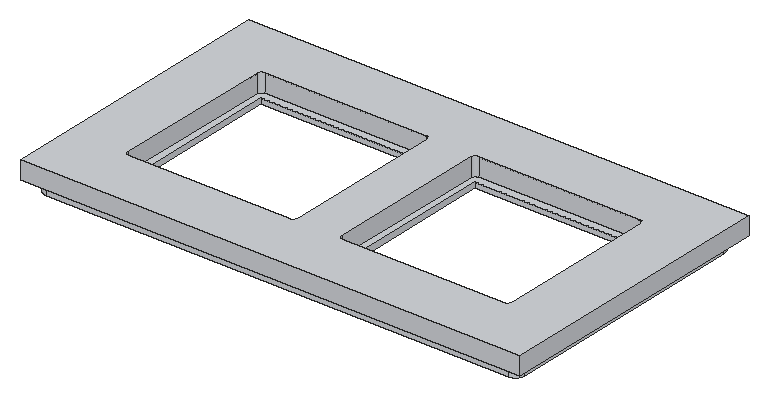
Revit family "Gira_021205", category Electrical Fixtures, host Face, Revit 2017
Family settings
  Host = Face
  Maintain Annotation Orientation = No
  Round Connector Dimension = Use Diameter
  Part Type = Normal
  Cut with Voids When Loaded = No
  Shared = No
  Room Calculation Point = No
Parameters (values of type "Abdeckrahmen 2f Gira Esprit G Schwarz")
  Werkstoffgüte = "sonstige"
  Werkstoff = "Glas"
  URL = "http://katalog.gira.de/de_DE/datenblatt.html?artikelnr=021205"
  Transparent = "No"
  Textfeld/Beschriftungsfläche = "No"
  Schutzart (IP) = "IP20"
  Region = "DE"
  Oberfläche = "sonstige"
  Name = "Abdeckrahmen 2f Gira Esprit G Schwarz"
  Montagerichtung = "horizontal und vertikal"
  Mit Montagerahmen = "No"
  Mit Klappdeckel = "No"
  Manufacturer URL = "https://www.gira.de/"
  Keynote = "Espr._Rahmen_2fach"
  HeinzeBIM = "https://bimportal.heinze.de/bim/abdeckrahmen-2f-gira-esprit-g-schwarz/fbce58e39ec628f794e483e71bedc11bc1bdb021"
  Halogenfrei = "No"
  HAN = "021205"
  Geeignet für Unterputz-Installation = "Yes"
  Geeignet für Unterflurkanaldose = "No"
  Geeignet für Geräteeinbaukanal = "No"
  Geeignet für Einbauinstallation = "No"
  GTIN = "4010337212058"
  Farbe = "schwarz"
  Default Elevation = 1219.2 mm
  Data sheet (1) = "https://katalog.gira.de/de_DE/download.html?artikelnr=021205"
  Category = "Abdeckrahmen"
  Befestigungsart = "Klemmbefestigung"
  Available = "Yes"
  Anzahl der Einheiten vertikal = "2 "
  Anzahl der Einheiten horizontal = "2 "
  Anzahl der Einheiten = "2 "
Reference planes
  plane 1 "Center (Front/Back)": y = 0
  plane 2: z = 0
  plane 3 "Center (Left/Right)": x = 0
Forms (mm)
  Extrusion 1, solid, detail levels fine
    sketch origin (0, 0, 0) x (1, 0, 0) y (0, 1, 0)
      loop
        line (-83, 47.5) -> (-83, -47.5) -> (83, -47.5) -> (83, 47.5) -> (-83, 47.5)
      loop
        arc (-63.75, -26.7) -> (-63.311, -27.761) -> (-62.25, -28.2) r 1.5
        line (-62.25, -28.2) -> (-8.85, -28.2)
        arc (-8.85, -28.2) -> (-7.789, -27.761) -> (-7.35, -26.7) r 1.5
        line (-7.35, -26.7) -> (-7.35, 26.7)
        arc (-7.35, 26.7) -> (-7.789, 27.761) -> (-8.85, 28.2) r 1.5
        line (-8.85, 28.2) -> (-62.25, 28.2)
        arc (-62.25, 28.2) -> (-63.311, 27.761) -> (-63.75, 26.7) r 1.5
        line (-63.75, 26.7) -> (-63.75, -26.7)
      loop
        line (63.75, -26.7) -> (63.75, 26.7)
        arc (63.75, 26.7) -> (63.311, 27.761) -> (62.25, 28.2) r 1.5
        line (62.25, 28.2) -> (8.85, 28.2)
        arc (8.85, 28.2) -> (7.789, 27.761) -> (7.35, 26.7) r 1.5
        line (7.35, 26.7) -> (7.35, -26.7)
        arc (7.35, -26.7) -> (7.789, -27.761) -> (8.85, -28.2) r 1.5
        line (8.85, -28.2) -> (62.25, -28.2)
        arc (62.25, -28.2) -> (63.311, -27.761) -> (63.75, -26.7) r 1.5
    from 0 to 6
  Extrusion 2, solid, detail levels fine
    sketch origin (0, 0, 0) x (1, 0, 0) y (0, 1, 0)
      loop
        line (-61.45, -25.7) -> (-9.65, -25.7) -> (-9.65, 25.7) -> (-61.45, 25.7) -> (-61.45, -25.7)
      loop
        line (61.45, 25.7) -> (9.65, 25.7) -> (9.65, -25.7) -> (61.45, -25.7) -> (61.45, 25.7)
      loop
        arc (-78.454, -41.3) -> (-77.927, -42.573) -> (-76.654, -43.1) r 1.8
        line (-76.654, -43.1) -> (76.654, -43.1)
        arc (76.654, -43.1) -> (77.927, -42.573) -> (78.454, -41.3) r 1.8
        line (78.454, -41.3) -> (78.454, 41.3)
        arc (78.454, 41.3) -> (77.927, 42.573) -> (76.654, 43.1) r 1.8
        line (76.654, 43.1) -> (-76.654, 43.1)
        arc (-76.654, 43.1) -> (-77.927, 42.573) -> (-78.454, 41.3) r 1.8
        line (-78.454, 41.3) -> (-78.454, -41.3)
    from -1.9 to 0
  Extrusion 3, solid, detail levels fine
    sketch origin (0, 0, 0) x (1, 0, 0) y (0, 1, 0)
      loop
        arc (-76.75, 44.4) -> (-78.871, 43.521) -> (-79.75, 41.4) r 3
        line (-79.75, 41.4) -> (-79.75, -41.4)
        arc (-79.75, -41.4) -> (-78.871, -43.521) -> (-76.75, -44.4) r 3
        line (-76.75, -44.4) -> (76.75, -44.4)
        arc (76.75, -44.4) -> (78.871, -43.521) -> (79.75, -41.4) r 3
        line (79.75, -41.4) -> (79.75, 41.4)
        arc (79.75, 41.4) -> (78.871, 43.521) -> (76.75, 44.4) r 3
        line (76.75, 44.4) -> (-76.75, 44.4)
      loop
        arc (-78.55, -41.4) -> (-78.023, -42.673) -> (-76.75, -43.2) r 1.8
        line (-76.75, -43.2) -> (76.75, -43.2)
        arc (76.75, -43.2) -> (78.023, -42.673) -> (78.55, -41.4) r 1.8
        line (78.55, -41.4) -> (78.55, 41.4)
        arc (78.55, 41.4) -> (78.023, 42.673) -> (76.75, 43.2) r 1.8
        line (76.75, 43.2) -> (-76.75, 43.2)
        arc (-76.75, 43.2) -> (-78.023, 42.673) -> (-78.55, 41.4) r 1.8
        line (-78.55, 41.4) -> (-78.55, -41.4)
    from -3.7 to 0
  Extrusion 4, solid, detail levels medium
    sketch origin (0, 0, 0) x (1, 0, 0) y (0, 1, 0)
      loop
        line (-83, 47.5) -> (-83, -47.5) -> (83, -47.5) -> (83, 47.5) -> (-83, 47.5)
    from 0 to 6
  Extrusion 5, solid, detail levels medium
    sketch origin (0, 0, 0) x (1, 0, 0) y (0, 1, 0)
      loop
        line (-79.75, 44.4) -> (-79.75, -44.4) -> (79.75, -44.4) -> (79.75, 44.4) -> (-79.75, 44.4)
    from -3.7 to 0
  Extrusion 6, solid, detail levels coarse
    sketch origin (0, 0, 0) x (1, 0, 0) y (0, 1, 0)
      loop
        line (-83, 47.5) -> (-83, -47.5) -> (83, -47.5) -> (83, 47.5) -> (-83, 47.5)
    from -3.7 to 6
Dimensions and locks
  aligned and locked: plane 2 to host face
  aligned and locked: level to host face
